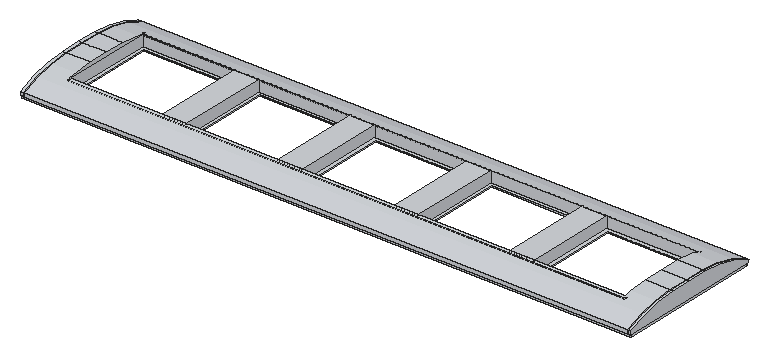
Revit family "Gira_0215808", category Electrical Fixtures, host Face, Revit 2017
Family settings
  Host = Face
  Maintain Annotation Orientation = No
  Round Connector Dimension = Use Diameter
  Part Type = Normal
  Cut with Voids When Loaded = No
  Shared = No
  Room Calculation Point = No
Parameters (values of type "Cov.fr. 5-g interm.fr. AN Gira Event p.white")
  With mounting grid = "No"
  With hinged lid = "No"
  URL = "http://katalog.gira.de/en/datenblatt.html?artikelnr=0215808"
  Type of fastening = "Clamp mounting"
  Transparent = "No"
  Surface protection = "Other"
  Suitable for wall duct = "No"
  Suitable for flush-mounted installation = "Yes"
  Suitable for floor box = "No"
  Suitable for built-in installation = "No"
  Number of units vertical = "5"
  Number of units horizontal = "5"
  Number of units = "5"
  Name = "Cov.fr. 5-g interm.fr. AN Gira Event p.white"
  Mounting direction = "Horizontal and vertical"
  Material quality = "Thermoplastic"
  Material = "Plastic"
  Manufacturer URL = "https://www.gira.de/"
  Manufacturer = "Gira"
  Label space/information surface = "No"
  Keynote = ""
  HeinzeBIM = "https://bimportal.heinze.de/bim/cov-fr-5-g-interm-fr-an-gira-event-p-white/3ee571369d8aa4896c8b22e00acc58537e37bf17"
  Halogen free = "Yes"
  HAN = "0215808"
  GTIN = "4010337070177"
  Description = "Cov.fr.5g i.fr.AN Event PW,Gira Event frames,pure white glossy with anthracite intermediate frame,5-gang,Features:,- Shatter-proof."
  Degree of protection (IP) = "IP20"
  Default Elevation = 1219.2 mm
  Data sheet (1) = "https://katalog.gira.de/en/download.html?artikelnr=0215808"
  Colour = "White"
  Category = "Cover frame for domestic switching devices"
  BIM (1) = "https://media.stage.bim.site/public/gira/36a6b08/Event_Rahmen_5fach.rfa"
  Available = "No"
Reference planes
  plane 1 "Center (Front/Back)": y = 0
  plane 2: z = 0
  plane 3 "Center (Left/Right)": x = 0
Forms (mm)
  Extrusion 1, solid, detail levels fine
    sketch origin (0, 0, 0.05) x (0, 1, 0) y (0, 0, 1)
      loop
        arc (12.445, 9.683) -> (6.223, 9.833) -> (0, 9.85) r 291.636
        arc (0, 9.85) -> (-6.223, 9.833) -> (-12.445, 9.683) r 291.636
        arc (-12.445, 9.683) -> (-29.14, 7.482) -> (-45, 1.823) r 79.728
        line (-45, 1.823) -> (-45, -0.05) -> (-42.086, -0.05)
        arc (-42.086, -0.05) -> (-21.385, 5.559) -> (0, 7.206) r 114.424
        arc (0, 7.206) -> (21.385, 5.559) -> (42.086, -0.05) r 114.424
        line (42.086, -0.05) -> (45, -0.05) -> (45, 1.823)
        arc (45, 1.823) -> (29.14, 7.482) -> (12.445, 9.683) r 79.728
    from -185.578 to 185.593
  Extrusion 2, void, detail levels fine
    sketch origin (0, 0, 0) x (1, 0, 0) y (0, 1, 0)
      loop
        line (170.607, 28) -> (-170.593, 28) -> (-170.593, -28) -> (170.607, -28) -> (170.607, 28)
    from 0.724 to 11
  Extrusion 3, solid, detail levels coarse
    sketch origin (0, 0, 0) x (1, 0, 0) y (0, 1, 0)
      loop
        line (-187.578, 45) -> (-187.578, -45) -> (187.593, -45) -> (187.593, 45) -> (-187.578, 45)
    from -1.5 to 9.9
  Extrusion 4, solid, detail levels medium
    sketch origin (0, 0, 0.05) x (0, 1, 0) y (0, 0, 1)
      loop
        arc (12.445, 9.683) -> (6.223, 9.833) -> (0, 9.85) r 291.636
        arc (0, 9.85) -> (-6.223, 9.833) -> (-12.445, 9.683) r 291.636
        arc (-12.445, 9.683) -> (-29.14, 7.482) -> (-45, 1.823) r 79.728
        line (-45, 1.823) -> (-45, -0.05) -> (45, -0.05) -> (45, 1.823)
        arc (45, 1.823) -> (29.14, 7.482) -> (12.445, 9.683) r 79.728
    from -187.578 to 187.593
  Extrusion 5, solid, detail levels fine
    sketch origin (-142.578, 0, -1.5) x (0, 1, 0) y (0, 0, -1)
      loop
        line (45, -3.373) -> (45, -1.5) -> (-45, -1.5) -> (-45, -3.373)
        arc (-45, -3.373) -> (-29.14, -9.032) -> (-12.445, -11.233) r 79.728
        arc (-12.445, -11.233) -> (-6.223, -11.383) -> (0, -11.4) r 291.636
        arc (0, -11.4) -> (6.223, -11.383) -> (12.445, -11.233) r 291.636
        arc (12.445, -11.233) -> (29.14, -9.032) -> (45, -3.373) r 79.728
    from 43 to 45
  Extrusion 6, solid, detail levels fine
    sketch origin (0, 0, 0) x (1, 0, 0) y (0, 1, 0)
      loop
        line (-168.493, 25.7) -> (-168.493, -25.7) -> (-116.693, -25.7) -> (-116.693, 25.7) -> (-168.493, 25.7)
      loop
        line (-45.398, -25.7) -> (-45.398, 25.7) -> (-97.198, 25.7) -> (-97.198, -25.7) -> (-45.398, -25.7)
      loop
        line (-171.487, 28.49) -> (-171.487, -28.495)
        spline (-171.487, -28.495) -> (-171.479, -28.625) -> (-171.453, -28.754) -> (-171.411, -28.878) -> (-171.353, -28.995) -> (-171.281, -29.104) -> (-171.194, -29.202) -> (-171.096, -29.288) -> (-170.987, -29.361) -> (-170.87, -29.419) -> (-170.746, -29.461) -> (-170.618, -29.486) -> (-170.487, -29.495)
        line (-170.487, -29.495) -> (170.502, -29.495)
        spline (170.502, -29.495) -> (170.633, -29.486) -> (170.761, -29.461) -> (170.885, -29.419) -> (171.002, -29.361) -> (171.111, -29.288) -> (171.209, -29.202) -> (171.296, -29.104) -> (171.368, -28.995) -> (171.426, -28.878) -> (171.468, -28.754) -> (171.494, -28.625) -> (171.502, -28.495)
        line (171.502, -28.495) -> (171.502, 28.49)
        spline (171.502, 28.49) -> (171.494, 28.62) -> (171.468, 28.748) -> (171.426, 28.872) -> (171.368, 28.99) -> (171.296, 29.098) -> (171.209, 29.197) -> (171.111, 29.283) -> (171.002, 29.356) -> (170.885, 29.413) -> (170.761, 29.456) -> (170.633, 29.481) -> (170.502, 29.49)
        line (170.502, 29.49) -> (-170.487, 29.49)
        spline (-170.487, 29.49) -> (-170.618, 29.481) -> (-170.746, 29.456) -> (-170.87, 29.413) -> (-170.987, 29.356) -> (-171.096, 29.283) -> (-171.194, 29.197) -> (-171.281, 29.098) -> (-171.353, 28.99) -> (-171.411, 28.872) -> (-171.453, 28.748) -> (-171.479, 28.62) -> (-171.487, 28.49)
      loop
        line (25.902, -25.7) -> (25.902, 25.7) -> (-25.898, 25.7) -> (-25.898, -25.7) -> (25.902, -25.7)
      loop
        line (97.207, -25.7) -> (97.207, 25.7) -> (45.407, 25.7) -> (45.407, -25.7) -> (97.207, -25.7)
      loop
        line (168.507, -25.7) -> (168.507, 25.7) -> (116.707, 25.7) -> (116.707, -25.7) -> (168.507, -25.7)
    from 0.1 to 7.3
  Extrusion 7, solid
    sketch origin (0, 0, 0) x (1, 0, 0) y (0, 1, 0)
      loop
        arc (-187.293, -44.218) -> (-187.146, -44.572) -> (-186.793, -44.718) r 0.5
        line (-186.793, -44.718) -> (186.807, -44.718)
        arc (186.807, -44.718) -> (187.161, -44.572) -> (187.307, -44.218) r 0.5
        line (187.307, -44.218) -> (187.307, 44.182)
        arc (187.307, 44.182) -> (187.161, 44.535) -> (186.807, 44.682) r 0.5
        line (186.807, 44.682) -> (-186.793, 44.682)
        arc (-186.793, 44.682) -> (-187.146, 44.535) -> (-187.293, 44.182) r 0.5
        line (-187.293, 44.182) -> (-187.293, -44.218)
      loop
        line (-185.593, 42.982) -> (-185.593, -43.018) -> (185.607, -43.018) -> (185.607, 42.982) -> (-185.593, 42.982)
    from -1.5 to 0.5
  Extrusion 8, solid, detail levels fine
    sketch origin (142.593, 0, -1.5) x (0, 1, 0) y (0, 0, 1)
      loop
        arc (45, 3.373) -> (29.14, 9.032) -> (12.445, 11.233) r 79.728
        arc (12.445, 11.233) -> (6.223, 11.383) -> (0, 11.4) r 291.636
        arc (0, 11.4) -> (-6.223, 11.383) -> (-12.445, 11.233) r 291.636
        arc (-12.445, 11.233) -> (-29.14, 9.032) -> (-45, 3.373) r 79.728
        line (-45, 3.373) -> (-45, 1.5) -> (45, 1.5) -> (45, 3.373)
    from 43 to 45
  Extrusion 9, solid, detail levels medium
    sketch origin (0, 0, 0) x (1, 0, 0) y (0, 1, 0)
      loop
        line (-187.293, -44.718) -> (187.307, -44.718) -> (187.307, 44.682) -> (-187.293, 44.682) -> (-187.293, -44.718)
    from -1.5 to 0.5
  Extrusion 10, solid, detail levels fine
    sketch origin (-105.5, 0, 0) x (1, 0, 0) y (0, 1, 0)
      loop
        line (-8.943, 28.063) -> (-8.943, -27.937) -> (6.057, -27.937) -> (6.057, 28.063) -> (-8.943, 28.063)
    from 0.724 to 7.566
  Extrusion 11, solid, detail levels fine
    sketch origin (-37.085, 0, 0) x (-1, 0, 0) y (0, -1, 0)
      loop
        line (-8.943, -28.063) -> (6.057, -28.063) -> (6.057, 27.937) -> (-8.943, 27.937) -> (-8.943, -28.063)
    from 0.724 to 7.566
  Extrusion 12, solid, detail levels fine
    sketch origin (105.5, 0, 0) x (-1, 0, 0) y (0, -1, 0)
      loop
        line (-8.943, -28.063) -> (6.057, -28.063) -> (6.057, 27.937) -> (-8.943, 27.937) -> (-8.943, -28.063)
    from 0.724 to 7.566
  Extrusion 13, solid, detail levels fine
    sketch origin (37.085, 0, 0) x (1, 0, 0) y (0, 1, 0)
      loop
        line (-8.943, 28.063) -> (-8.943, -27.937) -> (6.057, -27.937) -> (6.057, 28.063) -> (-8.943, 28.063)
    from 0.724 to 7.566
Cuts and joins
  Extrusion 2 cuts Extrusion 1
  Extrusion 2 cuts Extrusion 6
Dimensions and locks
  aligned and locked: plane 2 to host face
  aligned and locked: level to host face
